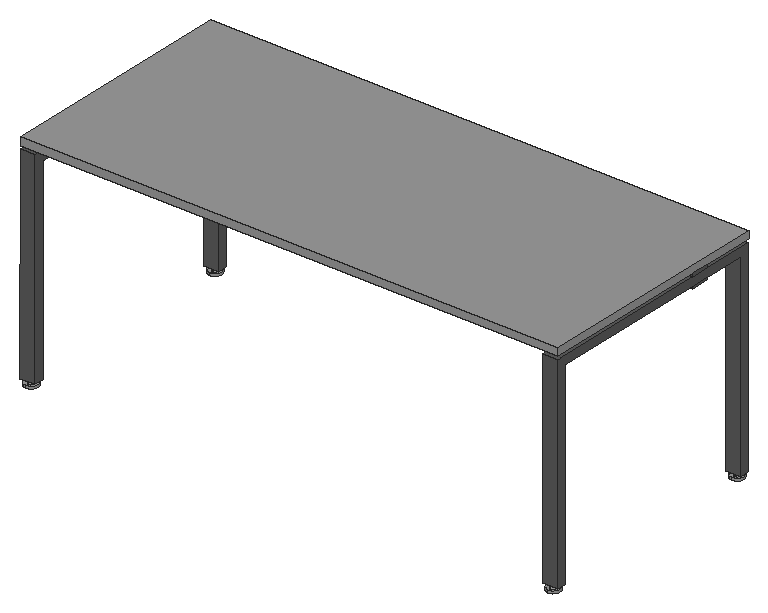
Revit family "Haworth_Tibas_Desk_Rectangular_AP_PRELIMINARY1", category Furniture, Revit 2019
Family settings
  OmniClass Number = 23.40.70.14.64.11
  OmniClass Title = Office Furniture
  Work Plane-Based = No
  Always vertical = Yes
  Cut with Voids When Loaded = No
  Shared = No
  Room Calculation Point = No
Parameters (values of type "1800w")
  Worksurface Width = "1200, 1400, 1500, 1600, 1800 mm"  # constant formula
  Worksurface Depth = "600, 700, 750, 800 mm"  # constant formula
  With Top [instance] = yes
  Warranty = "http://www.haworth.com/resources/product-info/warranties"
  U-Leg Frame R [instance] = yes
  U-Leg Frame [instance] = yes
  Type Comments = ""
  URL = "https://www.haworth.com/ap/en.html"
  Trim Finish = Haworth _ Polymer _ Undecided
  Top Finish [instance] = Haworth _ Laminate _ Undecided _ Tables
  Size = "Verify Final Dim.w/ Haworth"  # constant formula
  Round Cable Outlet = no
  Revision Number = "1"  # constant formula
  Product URL = "https://www.haworth.com/ap/en/products/office-desks/tibas.html"
  No Accessory Kit = not(or(Accessory Kit, Flip Top Cable Outlet, Round Cable Outlet))  # yes
  Model = "SYTBRDXXXX"  # constant formula
  Manufacturer = "Haworth"  # constant formula
  Leg Height = Actual Height - 35 mm  # 705 mm
  Flip Top Width = 400 mm
  Flip Top Cable Outlet = no
  Description = "Haworth - Tibas - Desk - Rectangular"  # constant formula
  Cable Tray Width = Actual Width - 500 mm  # 1300 mm
  Cable Tray Finish = Haworth _ Paint _ Metallic Silver
  Cable Tray = yes
  Base Finish [instance] = Haworth _ Paint _ Black
  Author = "Haworth (Abd Rahman)"  # constant formula
  Assembly Code = "E2020200"
  Actual Width = 1800 mm
  Actual Height = 740 mm
  Actual Depth = 800 mm
  Accessory Kit = and(or(Flip Top Cable Outlet, Round Cable Outlet))  # no
Types (5, lengths in mm): name | Round Cable Outlet | No Accessory Kit | Leg Height | Flip Top Width | Flip Top Cable Outlet | Cable Tray Width | Actual Width | Actual Height | Actual Depth | Accessory Kit
  1200w | no | no | 800.025 | 200 | yes | 700 | 1200 | 835.025 | 600 | yes
  1400w | yes | no | 800.025 | 200 | no | 900 | 1400 | 835.025 | 700 | yes
  1600w | no | no | 705 | 200 | yes | 1100 | 1600 | 740 | 800 | yes
  1800w | no | yes | 705 | 400 | no | 1300 | 1800 | 740 | 800 | no
  1500w | no | yes | 800.025 | 200 | no | 1000 | 1500 | 835.025 | 750 | no
Reference planes
  plane 1 "Center F/B": y = 174.526
  plane 2: z = 0
  plane 3 "Center L/R": x = 114.3
  plane 4 "Top": z = 740
  plane 5 "Left": x = -785.7
  plane 6 "Right": x = 1014.3
  plane 7 "Back": y = 574.526
  plane 8 "Front": y = -225.474
  plane 9: y = 374.526
  plane 10: y = -25.474
  plane 11: z = 715
  plane 12: z = 705
Dimensions and locks
  "Actual Height": plane 4 "Top" to level
  equal spacing: plane 7 "Back", plane 1 "Center F/B", plane 8 "Front"
  "Actual Depth": plane 7 "Back" to plane 8 "Front"
  equal spacing: plane 5 "Left", plane 3 "Center L/R", plane 6 "Right"
  "Actual Width": plane 5 "Left" to plane 6 "Right"
  equal spacing: plane 7 "Back", plane 9, plane 1 "Center F/B"
  equal spacing: plane 1 "Center F/B", plane 10, plane 8 "Front"
  plane 4 "Top" to plane 11 to plane 12 = 25 mm locked, 10 mm locked
  aligned and locked: plane 3 "Center L/R" to nested 1
  aligned and locked: plane 1 "Center F/B" to nested 1
  aligned and locked: nested 1 to plane 4 "Top"
  aligned and locked: plane 1 "Center F/B" to nested 3
  aligned and locked: nested 3 to plane 5 "Left"
  aligned and locked: plane 1 "Center F/B" to nested 4
  aligned and locked: nested 4 to plane 6 "Right"
  aligned and locked: nested 2 to plane 3 "Center L/R"
  aligned and locked: nested 2 to plane 9
  aligned and locked: nested 2 to plane 11
  aligned and locked: plane 11 to nested 5
  aligned and locked: plane 3 "Center L/R" to nested 6
  aligned and locked: plane 7 "Back" to nested 6
  aligned and locked: nested 6 to plane 4 "Top"
  aligned and locked: plane 7 "Back" to nested 5
Nested families
  nested 1: "Haworth_Tibas_Top_Rectangular-PART" at (271.159, 466.626, -20), Top Finish <- "Top Finish", visible <- "With Top", type "Rectangular Top"
    with Top Finish Haworth _ Laminate _ Undecided _ Tables, Void Depth 950 mm, U-Shape Cable Outlet no, Round Cable Outlet no, Flip Top Cable Outlet no, Epure Cable Outlet no, Actual Width 1800 mm, Actual Mounting Height 740 mm
  nested 2: "Haworth_Tibas_Understructure_DeskBeamAP-Leg_PART" at (1146.159, 666.626, 18), Leg Finish <- "Base Finish", type "Beam - Understructure - PART"
    with Leg Finish Haworth _ Paint _ Black, Actual Width 1800 mm
  nested 3: "Haworth_Tibas_Base_U-Leg_PART" at (-603.841, 466.626, 0), visible <- "U-Leg Frame", Leg Finish <- "Base Finish", type "U-Leg Frame - PART L"
    with Leg Finish Haworth _ Paint _ Black, Actual Height 705 mm, Actual Depth 800 mm
  nested 4: "Haworth_Tibas_Base_U-Leg_PART" at (1146.159, 466.626, 0), Leg Finish <- "Base Finish", visible <- "U-Leg Frame R", type "U-Leg Frame - PART R"
    with Leg Finish Haworth _ Paint _ Black, Actual Height 705 mm, Actual Depth 800 mm
  nested 5: "Haworth_Tibas_CableManagement_CableTraySingle-PART" at (271.159, 776.626, 232.6), Cable Tray Finish <- "Cable Tray Finish", visible <- "Cable Tray", type "Cable Tray Single"
    with Cable Tray Finish Haworth _ Paint _ Metallic Silver, Actual Width 1300 mm
  nested 6: "Haworth-Flip Top" at (99.813, 518.193, -60), visible <- "Flip Top Cable Outlet", type "Flip Top - Visio"
    with Actual Width 400 mm
Definition of nested family "Haworth_Tibas_Top_Rectangular-PART"
  Parameters (values of type "Rectangular Top")
    Warranty = "http://www.haworth.com/resources/product-info/warranties"
    Void Depth = if(Epure Cable Outlet, 0 mm, Actual Depth + 150 mm)  # 0 mm
    URL - Product = ""
    URL = "https://www.haworth.com/eu/en.html"
    U-Shape Cable Outlet = yes
    Trim Finish = none
    Top Finish [instance] = none
    Thickness = 25 mm  # constant formula
    Size = "Verify Final Dim. w/ Haworth"  # constant formula
    Round Cable Outlet = yes
    Revision Number = "1"  # constant formula
    Model = "Haworth - Tibas"  # constant formula
    Manufacturer = "Haworth"  # constant formula
    Flip Top Cable Outlet = yes
    Epure Cable Outlet = yes
    Description = "Haworth - Tibas"  # constant formula
    Author = "Haworth (Abd Rahman)"  # constant formula
    Assembly Code = "E2020200"
    Actual Width = 2000 mm
    Actual Mounting Height = 835.025 mm
    Actual Depth = 800 mm
  Reference planes
    plane 1: z = -5
    plane 2 "Center L/R": x = -156.859
    plane 3 "Center F/B": y = -292.1
    plane 4 "Top of top": z = 855.025
    plane 5 "Back": y = 107.9
    plane 6 "Front": y = -692.1
    plane 7 "Left": x = -1156.859
    plane 8 "Right": x = 843.141
    plane 9 "Bottom of top": z = 830.025
    plane 10: y = 27.9
    plane 11: x = -1006.859
    plane 12: x = 693.141
    plane 13: y = 107.9
    plane 14: y = 107.9
    plane 15: y = 107.9
    plane 16: y = 107.9
  Forms (mm)
    Extrusion 1, solid, material <- "Top Finish"
      sketch origin (0, 0, 0) x (1, 0, 0) y (0, 1, 0)
        loop
          line (-1156.859, 107.9) -> (-1156.859, -692.1) -> (843.141, -692.1) -> (843.141, 107.9) -> (-1156.859, 107.9)
      from 830.025 to 855.025
    Extrusion 2, void
      sketch origin (0, 0, 0) x (1, 0, 0) y (0, 1, 0)
        loop
          circle (-1006.859, 107.9) r 40
        loop
          circle (693.141, 107.9) r 40
      from -479.092 to 1358.317
  Cuts and joins
    Extrusion 2 cuts Extrusion 1
  Lines and regions (mm)
    Masking region 1
      outline origin (0, 0, 0) x (1, 0, 0) y (0, 1, 0)
        loop
          line (-1156.859, 107.9) -> (-1156.859, -692.1) -> (843.141, -692.1) -> (843.141, 107.9) -> (-1156.859, 107.9)
  Dimensions and locks
    equal spacing: plane 5 "Back", plane 3 "Center F/B", plane 6 "Front"
    "Actual Depth": plane 5 "Back" to plane 6 "Front"
    equal spacing: plane 7 "Left", plane 2 "Center L/R", plane 8 "Right"
    "Actual Width": plane 7 "Left" to plane 8 "Right"
    "Thickness": plane 4 "Top of top" to plane 9 "Bottom of top"
    "Actual Mounting Height": plane 9 "Bottom of top" to plane 1
    locked: plane 5 "Back" to plane 10 at 80
    plane 7 "Left" to plane 11 = 150 mm
    locked: plane 8 "Right" to plane 12 at 150
    "Void Depth": plane 13 to plane 14
    "Void Depth": plane 15 to plane 16
    aligned and locked: plane 8 "Right" to Extrusion 1 sketch curve
    aligned and locked: plane 7 "Left" to Extrusion 1 sketch curve
    aligned and locked: plane 6 "Front" to Extrusion 1 sketch curve
    aligned and locked: Extrusion 1 sketch curve to plane 5 "Back"
    aligned and locked: plane 4 "Top of top" to Extrusion 1
    aligned and locked: Extrusion 1 to plane 9 "Bottom of top"
    aligned and locked: plane 8 "Right" to Masking region 1 sketch curve
    aligned and locked: Masking region 1 sketch curve to plane 5 "Back"
    aligned and locked: plane 7 "Left" to Masking region 1 sketch curve
    aligned and locked: plane 6 "Front" to Masking region 1 sketch curve
    aligned and locked: nested 1 to plane 4 "Top of top"
    aligned and locked: plane 12 to nested 1
    aligned and locked: plane 10 to nested 1
    aligned and locked: nested 2 to plane 11
    aligned and locked: nested 2 to plane 10
    aligned and locked: nested 3 to plane 11
    aligned and locked: nested 3 to plane 5 "Back"
    aligned and locked: nested 3 to plane 4 "Top of top"
    aligned and locked: plane 12 to nested 4
    aligned and locked: plane 5 "Back" to nested 4
    aligned and locked: plane 4 "Top of top" to nested 4
    aligned and locked: plane 2 "Center L/R" to nested 5
    aligned and locked: plane 10 to nested 5
    aligned and locked: nested 5 to plane 4 "Top of top"
    aligned and locked: plane 11 to Extrusion 2 sketch curve
    aligned and locked: plane 4 "Top of top" to nested 2
    aligned and locked: plane 13 to plane 5 "Back"
    aligned and locked: plane 12 to Extrusion 2 sketch curve
    aligned and locked: plane 15 to plane 5 "Back"
    aligned and locked: plane 16 to Extrusion 2 sketch curve
    aligned and locked: plane 14 to Extrusion 2 sketch curve
  Automatic sketch dimensions
    radius of Extrusion 2 sketch curve = 40 mm  (x2)
  Nested families
    nested 1: "Haworth_Grommet-PART" at (536.282, 320, 332.793) x (-1, 0, 0) z (0, 0, 1), visible <- "Round Cable Outlet", type "Cable Outlet"
      with Vertical no, Horizontal yes
    nested 2: "Haworth_Grommet-PART" at (-850, 320, 332.793), visible <- "Round Cable Outlet", type "Cable Outlet"
      with Vertical no, Horizontal yes
    nested 3: "Haworth_CableOutlet_U-Shape_PART" at (-850, 372.731, 297.793), visible <- "U-Shape Cable Outlet", type "Cable Outlet"
    nested 4: "Haworth_CableOutlet_U-Shape_PART" at (536.282, 372.731, 297.793) x (-1, 0, 0) z (0, 0, 1), visible <- "U-Shape Cable Outlet", type "Cable Outlet"
    nested 5: "Haworth-Flip Top" at (-171.347, -28.433, 55.025), visible <- "Flip Top Cable Outlet", type "Flip Top - Visio"
      with Actual Width 200 mm, Actual Depth 110 mm
  Definition of nested family "Haworth_Grommet-PART"
    Parameters (values of type "Cable Outlet")
      Warranty = "http://www.haworth.com/resources/product-info/warranties"
      Vertical = yes
      URL = "www.haworth.com"
      Trim Finish = none
      Size = "Verify Final Dim. w/ Haworth"  # constant formula
      Revision Number = "1"  # constant formula
      Model = "X742"  # constant formula
      Manufacturer = "Haworth"  # constant formula
      Horizontal = no
      Description = "Haworth - Cable Outlet - 25mm"  # constant formula
      Author = "Haworth (Abd Rahman)"  # constant formula
      Assembly Code = "E2020200"
      Actual Width = 90 mm  # constant formula
      Actual Height = 2 mm  # constant formula
      Actual Depth = 90 mm  # constant formula
    Reference planes
      plane 1: z = 522.232
      plane 2 "Center L/R": x = -156.859
      plane 3 "Center F/B": y = -292.1
      plane 4 "Top": z = 524.232
      plane 5 "Back": y = -247.1
      plane 6 "Front": y = -337.1
      plane 7 "Right": x = -111.859
      plane 8 "Left": x = -201.859
      plane 9: x = -155.05
    Forms (mm)
      Revolve 1, solid, material <- "Trim Finish", visible <- "Vertical"
        sketch origin (-679.273, -292.1, 366.305) x (0, 0, 1) y (1, 0, 0)
          loop
            line (156.859, 524.223) -> (115.684, 524.223)
            arc (115.684, 524.223) -> (113.98, 523.576) -> (112.576, 522.414) r 5.57
            line (112.576, 522.414) -> (156.859, 522.414) -> (156.859, 524.223)
          axis (156.859, 524.223) -> (156.859, 522.414)
        angle from 0 to 360
      Extrusion 2, void
        sketch origin (-679.273, 0.749, 366.305) x (0, 0, -1) y (0, 1, 0)
          loop
            line (-175.569, -260.506) -> (-173.333, -281.782)
            arc (-173.333, -281.782) -> (-171.796, -283.23) -> (-169.822, -282.479) r 1.989
            arc (-169.822, -282.479) -> (-169.186, -281.652) -> (-168.471, -280.891) r 10.616
            arc (-168.471, -280.891) -> (-163.186, -277.135) -> (-156.859, -275.721) r 16.402
            arc (-156.859, -275.721) -> (-151.781, -276.415) -> (-147.164, -278.643) r 16.402
            arc (-147.164, -278.643) -> (-145.025, -278.909) -> (-143.853, -277.099) r 2.03
            line (-143.853, -277.099) -> (-141.679, -258.137)
            arc (-141.679, -258.137) -> (-158.906, -255.293) -> (-175.569, -260.506) r 37.744
        from 0 to 711.2
      Revolve 3, solid, material <- "Trim Finish", visible <- "Horizontal"
        sketch origin (-0.331, -293.081, 0.151) x (-1, 0, 0) y (0, 0, 1)
          loop
            line (156.859, 524.08) -> (115.287, 524.08)
            arc (115.287, 524.08) -> (113.569, 523.343) -> (112.19, 522.08) r 5.592
            line (112.19, 522.08) -> (156.859, 522.08) -> (156.859, 524.08)
          axis (156.859, 524.08) -> (156.859, 522.08)
        angle from 0 to 360
      Extrusion 4, void
        sketch origin (-0.331, -0.232, 0.151) x (1, 0, 0) y (0, 1, 0)
          loop
            line (-175.569, -260.506) -> (-173.333, -281.782)
            arc (-173.333, -281.782) -> (-171.796, -283.23) -> (-169.822, -282.479) r 1.989
            arc (-169.822, -282.479) -> (-169.186, -281.652) -> (-168.471, -280.891) r 10.616
            arc (-168.471, -280.891) -> (-163.186, -277.135) -> (-156.859, -275.721) r 16.402
            arc (-156.859, -275.721) -> (-151.781, -276.415) -> (-147.164, -278.643) r 16.402
            arc (-147.164, -278.643) -> (-145.025, -278.909) -> (-143.853, -277.099) r 2.03
            line (-143.853, -277.099) -> (-141.679, -258.137)
            arc (-141.679, -258.137) -> (-158.906, -255.293) -> (-175.569, -260.506) r 37.744
        from 0 to 711.2
    Cuts and joins
      Extrusion 2 cuts Revolve 1
      Extrusion 4 cuts Revolve 3
    Lines and regions (mm)
      Masking region 1
        outline origin (0, 0, 0) x (1, 0, 0) y (0, 1, 0)
          loop
            circle (-156.859, -292.849) r 44.363
          loop
            circle (-156.859, -292.849) r 40.899
          loop
            line (-143.853, -277.099) -> (-141.679, -258.137)
            arc (-141.679, -258.137) -> (-158.906, -255.293) -> (-175.569, -260.506) r 37.744
            line (-175.569, -260.506) -> (-173.333, -281.782)
            arc (-173.333, -281.782) -> (-171.796, -283.23) -> (-169.822, -282.479) r 1.989
            arc (-169.822, -282.479) -> (-169.186, -281.652) -> (-168.471, -280.891) r 10.616
            arc (-168.471, -280.891) -> (-163.186, -277.135) -> (-156.859, -275.721) r 16.402
            arc (-156.859, -275.721) -> (-151.781, -276.415) -> (-147.164, -278.643) r 16.402
            arc (-147.164, -278.643) -> (-145.025, -278.909) -> (-143.853, -277.099) r 2.03
    Dimensions and locks
      equal spacing: plane 8 "Left", plane 2 "Center L/R", plane 7 "Right"
      "Actual Width": plane 8 "Left" to plane 7 "Right"
      equal spacing: plane 5 "Back", plane 3 "Center F/B", plane 6 "Front"
      "Actual Depth": plane 5 "Back" to plane 6 "Front"
      "Actual Height": plane 4 "Top" to plane 1
      aligned and locked: plane 3 "Center F/B" to cut or joined group of Revolve 1, Extrusion 2  (x2)
      aligned and locked: cut or joined group of Revolve 3, Extrusion 4 to plane 4 "Top"
      aligned and locked: cut or joined group of Revolve 3, Extrusion 4 to plane 1
      aligned and locked: cut or joined group of Revolve 1, Extrusion 2 to plane 2 "Center L/R"
      aligned and locked: plane 9 to cut or joined group of Revolve 1, Extrusion 2
    Automatic sketch dimensions
      Revolve 1 sketch curve to plane 1 = 43.35 mm
      Revolve 1 sketch curve to Revolve 1 sketch curve = 3.107 mm
      Revolve 1 sketch curve to Revolve 1 sketch curve = 1.099 mm
      Revolve 1 sketch curve to Revolve 1 sketch curve = 40.077 mm
      Revolve 1 sketch curve to plane 7 "Right" = 48.651 mm
      Revolve 1 sketch curve to Revolve 1 sketch curve = 3.651 mm
      Revolve 1 sketch curve to Revolve 1 sketch curve = 0 mm  (x2)
      Revolve 1 sketch curve to Revolve 1 sketch curve = 0.195 mm
      Extrusion 2 sketch curve to Extrusion 2 sketch curve = 0 mm  (x2)
      plane 1 to Extrusion 2 sketch curve = 19.643 mm
      Extrusion 2 sketch curve to Extrusion 2 sketch curve = 4.161 mm
      Extrusion 2 sketch curve to Extrusion 2 sketch curve = 10.307 mm
      Extrusion 2 sketch curve to Extrusion 2 sketch curve = 4.587 mm
      Extrusion 2 sketch curve to Extrusion 2 sketch curve = 0.242 mm
      Extrusion 2 sketch curve to Extrusion 2 sketch curve = 10.632 mm
      Extrusion 2 sketch curve to Extrusion 2 sketch curve = 2.03 mm
      Extrusion 2 sketch curve to Extrusion 2 sketch curve = 2.174 mm
      Extrusion 2 sketch curve to plane 5 "Back" = 45.096 mm
      Extrusion 2 sketch curve to Extrusion 2 sketch curve = 0.825 mm
      Extrusion 2 sketch curve to Extrusion 2 sketch curve = 3.588 mm
      Extrusion 2 sketch curve to Extrusion 2 sketch curve = 7.253 mm
      Extrusion 2 sketch curve to Extrusion 2 sketch curve = 15.02 mm
      Extrusion 2 sketch curve to Extrusion 2 sketch curve = 0.031 mm
      Extrusion 2 sketch curve to Extrusion 2 sketch curve = 20.772 mm
      Extrusion 2 sketch curve to Extrusion 2 sketch curve = 1.925 mm
      Extrusion 2 sketch curve to Extrusion 2 sketch curve = 1.586 mm
      Extrusion 2 sketch curve to Extrusion 2 sketch curve = 1.352 mm
      Extrusion 2 sketch curve to Extrusion 2 sketch curve = 10.976 mm
      Extrusion 2 sketch curve to Extrusion 2 sketch curve = 1.281 mm
      Masking region 1 sketch curve to Masking region 1 sketch curve = 0 mm  (x4)
      Masking region 1 sketch curve to plane 2 "Center L/R" = 0 mm  (x2)
      Masking region 1 sketch curve to plane 2 "Center L/R" = 4.242 mm
      Masking region 1 sketch curve to Masking region 1 sketch curve = 10.307 mm
      Masking region 1 sketch curve to plane 3 "Center F/B" = 10.318 mm
      Masking region 1 sketch curve to Masking region 1 sketch curve = 1.925 mm
      Masking region 1 sketch curve to plane 2 "Center L/R" = 18.71 mm
      plane 3 "Center F/B" to Masking region 1 sketch curve = 0.02 mm
      plane 2 "Center L/R" to Masking region 1 sketch curve = 0.345 mm
      plane 2 "Center L/R" to Masking region 1 sketch curve = 0.586 mm
      plane 2 "Center L/R" to Masking region 1 sketch curve = 10.976 mm
      Masking region 1 sketch curve to Masking region 1 sketch curve = 2.03 mm
      plane 2 "Center L/R" to Masking region 1 sketch curve = 15.18 mm
      plane 3 "Center F/B" to Masking region 1 sketch curve = 0.749 mm
      Masking region 1 sketch curve to Masking region 1 sketch curve = 0.096 mm
      Masking region 1 sketch curve to plane 3 "Center F/B" = 3.569 mm
      Masking region 1 sketch curve to Masking region 1 sketch curve = 0.504 mm
      Masking region 1 sketch curve to plane 3 "Center F/B" = 15.001 mm
      Masking region 1 sketch curve to Masking region 1 sketch curve = 0.031 mm
      Masking region 1 sketch curve to plane 5 "Back" = 13.406 mm
      Masking region 1 sketch curve to Masking region 1 sketch curve = 2.938 mm
      Masking region 1 sketch curve to Masking region 1 sketch curve = 1.586 mm
      Revolve 3 sketch curve to plane 7 "Right" = 0.663 mm
      Revolve 3 sketch curve to Revolve 3 sketch curve = 3.096 mm
      Revolve 3 sketch curve to Revolve 3 sketch curve = 1.316 mm
      Revolve 3 sketch curve to Revolve 3 sketch curve = 40.256 mm
      Revolve 3 sketch curve to plane 4 "Top" = 5.434 mm
      Revolve 3 sketch curve to Revolve 3 sketch curve = 3.434 mm
      Revolve 3 sketch curve to Revolve 3 sketch curve = 0 mm
      Revolve 3 sketch curve to Revolve 3 sketch curve = 0.151 mm  (x2)
      Extrusion 4 sketch curve to Extrusion 4 sketch curve = 0 mm  (x2)
      Extrusion 4 sketch curve to plane 7 "Right" = 64.042 mm
      Extrusion 4 sketch curve to Extrusion 4 sketch curve = 4.161 mm
      Extrusion 4 sketch curve to Extrusion 4 sketch curve = 10.307 mm
      Extrusion 4 sketch curve to Extrusion 4 sketch curve = 4.587 mm
      Extrusion 4 sketch curve to Extrusion 4 sketch curve = 0.242 mm
      Extrusion 4 sketch curve to Extrusion 4 sketch curve = 10.632 mm
      Extrusion 4 sketch curve to Extrusion 4 sketch curve = 2.03 mm
      Extrusion 4 sketch curve to Extrusion 4 sketch curve = 2.174 mm
      Extrusion 4 sketch curve to plane 5 "Back" = 46.077 mm
      Extrusion 4 sketch curve to Extrusion 4 sketch curve = 0.825 mm
      Extrusion 4 sketch curve to Extrusion 4 sketch curve = 3.588 mm
      Extrusion 4 sketch curve to Extrusion 4 sketch curve = 7.253 mm
      Extrusion 4 sketch curve to Extrusion 4 sketch curve = 15.02 mm
      Extrusion 4 sketch curve to Extrusion 4 sketch curve = 0.031 mm
      Extrusion 4 sketch curve to Extrusion 4 sketch curve = 20.772 mm
      Extrusion 4 sketch curve to Extrusion 4 sketch curve = 1.925 mm
      Extrusion 4 sketch curve to Extrusion 4 sketch curve = 1.586 mm
      Extrusion 4 sketch curve to Extrusion 4 sketch curve = 1.352 mm
      Extrusion 4 sketch curve to Extrusion 4 sketch curve = 10.976 mm
      Extrusion 4 sketch curve to Extrusion 4 sketch curve = 1.281 mm
      radius of Masking region 1 sketch curve = 44.363 mm
      radius of Masking region 1 sketch curve = 40.899 mm
  Definition of nested family "Haworth_CableOutlet_U-Shape_PART"
    Parameters (values of type "Cable Outlet")
      Warranty = "http://www.haworth.com/resources/product-info/warranties"
      URL = "www.haworth.com"
      Trim Finish = none
      Sustainability Info = "https://www.haworth.com/company-info/sustainability"
      Size = "Verify Final Dim. w/ Haworth"  # constant formula
      Revision Number = "1"  # constant formula
      Model = "X742"  # constant formula
      Manufacturer = "Haworth"  # constant formula
      Description = "Haworth - Cable Outlet - U - Shape"  # constant formula
      Author = "Haworth (Abd Rahman)"  # constant formula
      Assembly Code = "E2020200"
      Actual Width = 70 mm  # constant formula
      Actual Height = 40 mm  # constant formula
      Actual Depth = 70 mm  # constant formula
    Reference planes
      plane 1: z = 522.232
      plane 2 "Center L/R": x = -156.859
      plane 3 "Center F/B": y = -292.1
      plane 4 "Top": z = 562.232
      plane 5 "Back": y = -257.1
      plane 6 "Front": y = -327.1
      plane 7 "Right": x = -121.859
      plane 8 "Left": x = -191.859
    Forms (mm)
      Extrusion 1, solid, material <- "Trim Finish"
        sketch origin (-121.859, 0, 0) x (0, 1, 0) y (0, 0, 1)
          loop
            line (-327.1, 562.232) -> (-327.1, 557.232) -> (-264.831, 557.232) -> (-264.831, 527.232) -> (-327.1, 527.232) -> (-327.1, 522.232) -> (-257.1, 522.232) -> (-257.1, 530.231) -> (-257.1, 555.734) -> (-257.1, 562.232) -> (-327.1, 562.232)
        from -70 to 0
    Lines and regions (mm)
      Masking region 1
        outline origin (0, 0, 0) x (1, 0, 0) y (0, 1, 0)
          loop
            line (-191.859, -257.1) -> (-191.859, -327.1) -> (-121.859, -327.1) -> (-121.859, -257.1) -> (-191.859, -257.1)
    Dimensions and locks
      equal spacing: plane 8 "Left", plane 2 "Center L/R", plane 7 "Right"
      "Actual Width": plane 8 "Left" to plane 7 "Right"
      equal spacing: plane 5 "Back", plane 3 "Center F/B", plane 6 "Front"
      "Actual Depth": plane 5 "Back" to plane 6 "Front"
      "Actual Height": plane 4 "Top" to plane 1
      aligned and locked: Extrusion 1 to plane 8 "Left"
      aligned and locked: plane 7 "Right" to Extrusion 1
      aligned and locked: Masking region 1 sketch curve to plane 7 "Right"
      aligned and locked: Masking region 1 sketch curve to plane 5 "Back"
      aligned and locked: plane 8 "Left" to Masking region 1 sketch curve
      aligned and locked: plane 6 "Front" to Masking region 1 sketch curve
    Automatic sketch dimensions
      Extrusion 1 sketch curve to plane 4 "Top" = 0 mm
      Extrusion 1 sketch curve to plane 6 "Front" = 0 mm  (x2)
      Extrusion 1 sketch curve to plane 5 "Back" = 0 mm
      Extrusion 1 sketch curve to plane 1 = 0 mm
      Extrusion 1 sketch curve to Extrusion 1 sketch curve = 2.999 mm
      Extrusion 1 sketch curve to Extrusion 1 sketch curve = 7.731 mm
      Extrusion 1 sketch curve to plane 4 "Top" = 6.498 mm
      Extrusion 1 sketch curve to plane 4 "Top" = 5 mm
      plane 1 to Extrusion 1 sketch curve = 7.999 mm
  Definition of nested family "Haworth-Flip Top"
    Parameters (values of type "Flip Top - Visio")
      Warranty = ""
      URL - Product = ""
      URL = ""
      Sustainability Info = ""
      Size = "Verify Final Dim. w/ Haworth"  # constant formula
      Single Sided = no
      Single Sided Wide = yes
      Revision Number = ""
      OmniClass Number = ""
      Material Options = ""
      Manufacturer = "Haworth"  # constant formula
      LEED Data = ""
      Flip Top Height = 25 mm
      Flip Top Finish = none
      Double Sided = no
      Double Sided Wide = no
      Author = "SHAPE Environments, LLC"  # constant formula
      Assembly Code = ""
      Actual Width = 120 mm
      Actual Height = 800 mm
      Actual Depth = 80 mm
    Types (2, lengths in mm): name | Flip Top Height | Actual Width | Actual Height | Actual Depth
      Flip Top - Visio | 25 | 120 | 800 | 80
      Flip Top Cable Tray | 69.85 | 285.75 | 736.6 | 111.125
    Reference planes
      plane 1 "Center F/B": y = 1.333
      plane 2: z = 0
      plane 3 "Center L/R": x = 14.487
      plane 4 "Back": y = 41.333
      plane 5 "Right": x = 74.487
      plane 6 "Front": y = -38.667
      plane 7 "Left": x = -45.513
      plane 8 "Table Height": z = 800
      plane 9: z = 775
    Forms (mm)
      Extrusion 1, solid, material <- "Flip Top Finish"
        sketch origin (0, 0, 800) x (-1, 0, 0) y (0, -1, 0)
          loop
            line (45.513, -41.333) -> (45.513, 38.667) -> (-74.487, 38.667) -> (-74.487, -41.333) -> (45.513, -41.333)
        from 0 to 3.175
      Extrusion 2, solid, material <- "Flip Top Finish"
        sketch origin (0, 0, 800) x (-1, 0, 0) y (0, -1, 0)
          loop
            line (42.338, -36.571) -> (42.338, 33.904) -> (-71.312, 33.904) -> (-71.312, -36.571) -> (42.338, -36.571)
        from 0 to -25
    Cuts and joins
      joined: Extrusion 1, Extrusion 2
    Lines and regions (mm)
      symbolic lines
        curve 1: line (-45.513, 41.333, 800) -> (74.487, 41.333, 800)
        curve 2: line (-45.513, -38.667, 800) -> (-45.513, 41.333, 800)
        curve 3: line (74.487, -38.667, 800) -> (-45.513, -38.667, 800)
        curve 4: line (74.487, 41.333, 800) -> (74.487, -38.667, 800)
    Dimensions and locks
      equal spacing: plane 7 "Left", plane 3 "Center L/R", plane 5 "Right"
      "Actual Width": plane 7 "Left" to plane 5 "Right"
      equal spacing: plane 6 "Front", plane 1 "Center F/B", plane 4 "Back"
      "Actual Depth": plane 4 "Back" to plane 6 "Front"
      plane 7 "Left" to Extrusion 2 sketch curve = 3.175 mm
      plane 4 "Back" to Extrusion 2 sketch curve = 4.762 mm
      Extrusion 2 sketch curve to plane 5 "Right" = 3.175 mm
      Extrusion 2 sketch curve to plane 6 "Front" = 4.763 mm
      "Actual Height": plane 8 "Table Height" to level
      "Flip Top Height": plane 8 "Table Height" to plane 9
      aligned and locked: plane 7 "Left" to Extrusion 1 sketch curve
      aligned and locked: Extrusion 1 sketch curve to plane 4 "Back"
      aligned and locked: plane 6 "Front" to Extrusion 1 sketch curve
      aligned and locked: Extrusion 1 sketch curve to plane 5 "Right"
      aligned and locked: plane 9 to cut or joined group of Extrusion 1, Extrusion 2
    Automatic sketch dimensions
      curve 4 to plane 5 "Right" = 0 mm
      curve 2 to plane 4 "Back" = 0 mm
      curve 2 to plane 7 "Left" = 0 mm
      curve 4 to plane 6 "Front" = 0 mm
Definition of nested family "Haworth_Tibas_Understructure_DeskBeamAP-Leg_PART"
  Parameters (values of type "Beam - Understructure - PART")
    Warranty = "http://www.haworth.com/resources/product-info/warranties"
    URL - Product = "https://www.haworth.com/eu/products/tables/desks/tibas"
    URL = "https://www.haworth.com/ap/en.html"
    Size = "Verify Final Dim. w/ Haworth"  # constant formula
    Revision Number = "1"  # constant formula
    Model = "Haworth - Tibas"  # constant formula
    Manufacturer = "Haworth"  # constant formula
    Leg Finish [instance] = none
    Description = "Haworth - Tibas - PART"  # constant formula
    Connector Width [instance] = 54.9 mm
    Author = "Haworth (Abd Rahman)"  # constant formula
    Assembly Code = "E2020200"
    Actual Width = 850 mm
    Actual Height = 680 mm
    Actual Depth = 70 mm  # constant formula
  Reference planes
    plane 1: z = 0
    plane 2 "Center L/R": x = -156.859
    plane 3 "Center F/B": y = -292.1
    plane 4 "Top": z = 680
    plane 5: z = 650
    plane 6: x = -181.859
    plane 7: x = -131.859
    plane 8: y = -257.1
    plane 9: y = -327.1
    plane 10: z = 697
    plane 11: z = 687
    plane 12: z = 658.979
    plane 13: x = -177.854
    plane 14: x = -186.759
    plane 15: x = -981.859
    plane 16: x = -556.859
    plane 17 "Center F/E": x = -956.859
    plane 18: x = -931.859
    plane 19: x = -935.864
    plane 20: x = -926.959
    plane 21: y = -277.1
    plane 22: y = -317.1
    plane 23: x = -531.859
    plane 24: x = -581.859
    plane 25: y = -239.062
    plane 26: y = -626.062
  Forms (mm)
    Extrusion 1, solid, material <- "Leg Finish"
      sketch origin (0, -292.1, 0) x (1, 0, 0) y (0, 0, 1)
        loop
          line (-186.759, 650) -> (-131.859, 650) -> (-131.859, 656.842) -> (-177.854, 656.842) -> (-177.854, 687) -> (-131.859, 687) -> (-131.859, 697) -> (-186.759, 697) -> (-186.759, 650)
      from -27.1 to 32.9
    Extrusion 2, solid, material <- "Leg Finish"
      sketch origin (0, 0, 0) x (1, 0, 0) y (0, 1, 0)
        loop
          line (-177.854, -317.1) -> (-177.854, -277.1) -> (-935.864, -277.1) -> (-935.864, -317.1) -> (-177.854, -317.1)
      from 658.979 to 687
    Extrusion 3, solid, material <- "Leg Finish"
      sketch origin (-863.718, -292.1, 0) x (-1, 0, 0) y (0, 0, -1)
        loop
          line (63.241, -650) -> (63.241, -697) -> (118.141, -697) -> (118.141, -687) -> (72.146, -687) -> (72.146, -656.842) -> (118.141, -656.842) -> (118.141, -650) -> (63.241, -650)
      from -27.1 to 32.9
    Extrusion 4, solid, material <- "Leg Finish"
      sketch origin (687.577, 3018.624, -10.35) x (0, 1, 0) y (0, 0, 1)
        loop
          line (-3636.674, 692.589) -> (-3380.675, 678.993) -> (-3333.224, 663.6) -> (-3265.746, 663.6)
          arc (-3265.746, 663.6) -> (-3260.046, 665.961) -> (-3257.685, 671.66) r 8.06
          line (-3257.685, 671.66) -> (-3257.685, 703.6) -> (-3644.685, 703.6) -> (-3644.685, 700.6)
          arc (-3644.685, 700.6) -> (-3642.339, 694.935) -> (-3636.674, 692.589) r 8.011
      from -1269.436 to -1219.436
  Lines and regions (mm)
    Masking region 1
      outline origin (0, 0, 0) x (1, 0, 0) y (0, 1, 0)
        loop
          line (-926.959, -277.1) -> (-926.959, -262.5) -> (-981.859, -262.5) -> (-981.859, -325) -> (-926.959, -325) -> (-926.959, -317.1) -> (-186.759, -317.1) -> (-186.759, -325) -> (-131.859, -325) -> (-131.859, -265) -> (-186.759, -265) -> (-186.759, -277.1) -> (-926.959, -277.1)
  Dimensions and locks
    "Actual Height": plane 4 "Top" to plane 1
    equal spacing: plane 8, plane 3 "Center F/B", plane 9
    "Actual Depth": plane 8 to plane 9
    equal spacing: plane 6, plane 2 "Center L/R", plane 7
    "Actual Height": plane 4 "Top" to level
    locked: plane 5 to plane 4 "Top" at 30
    Extrusion 1 sketch curve to Extrusion 2 = 10 mm
    equal spacing: plane 15, plane 16, plane 7
    plane 15 to plane 7 = 850 mm
    plane 14 to plane 6 to plane 13 to plane 2 "Center L/R" to plane 7 = 4.9 mm locked, 4.005 mm locked, 20.995 mm locked, 25 mm locked
    plane 15 to plane 16 to plane 7 = 425 mm, 425 mm
    "Connector Width": plane 14 to plane 7
    "Actual Width": plane 15 to plane 7
    plane 18 to plane 17 "Center F/E" = 25 mm
    plane 20 to plane 18 to plane 19 to plane 17 "Center F/E" to plane 15 = 4.9 mm locked, 4.005 mm locked, 20.995 mm locked, 25 mm locked
    locked: plane 8 to plane 21 at 20
    locked: plane 22 to plane 9 at 10
    plane 24 to plane 16 to plane 23 = 25 mm locked, 25 mm locked
    plane 25 to plane 8 to plane 3 "Center F/B" to plane 9 to plane 26 = 18.038 mm locked, 35 mm locked, 35 mm locked, 298.962 mm locked
    aligned and locked: Extrusion 2 to plane 11
    aligned and locked: Extrusion 2 to plane 12
    aligned and locked: Extrusion 2 to plane 13
    aligned and locked: plane 11 to Extrusion 1
    aligned and locked: Extrusion 1 to plane 13
    aligned and locked: Extrusion 1 to plane 7  (x2)
    aligned and locked: plane 5 to Extrusion 1
    aligned and locked: Extrusion 1 to plane 10
    aligned and locked: plane 14 to Extrusion 1
    aligned and locked: plane 10 to Extrusion 3
    aligned and locked: plane 15 to Extrusion 3  (x2)
    aligned and locked: Extrusion 3 to plane 20
    aligned and locked: plane 5 to Extrusion 3
    aligned and locked: Extrusion 3 to plane 11
    aligned and locked: Extrusion 3 to plane 19
    aligned and locked: Extrusion 2 sketch curve to plane 21
    aligned and locked: plane 22 to Extrusion 2 sketch curve
    aligned and locked: plane 13 to Extrusion 2 sketch curve
    aligned and locked: plane 19 to Extrusion 2 sketch curve
    aligned and locked: plane 7 to Masking region 1 sketch curve
    aligned and locked: Masking region 1 sketch curve to plane 14
    aligned and locked: plane 25 to Extrusion 4
    aligned and locked: Extrusion 4 to plane 23
    aligned and locked: plane 24 to Extrusion 4
    aligned and locked: Extrusion 4 to plane 26
  Automatic sketch dimensions
    plane 14 to Extrusion 1 sketch curve = 0 mm
    plane 13 to Extrusion 1 sketch curve = 0 mm
    plane 7 to Extrusion 1 sketch curve = 0 mm  (x2)
    Extrusion 1 sketch curve to plane 5 = 0 mm
    Extrusion 1 sketch curve to plane 11 = 0 mm
    plane 12 to Extrusion 1 sketch curve = 2.138 mm
    Extrusion 3 sketch curve to plane 10 = 0 mm
    Extrusion 3 sketch curve to plane 20 = 0 mm
    plane 19 to Extrusion 3 sketch curve = 0 mm
    plane 15 to Extrusion 3 sketch curve = 0 mm  (x2)
    Extrusion 3 sketch curve to plane 5 = 0 mm
    Extrusion 3 sketch curve to plane 11 = 0 mm
    Extrusion 3 sketch curve to plane 12 = 2.138 mm
    Masking region 1 sketch curve to plane 15 = 0 mm
    Masking region 1 sketch curve to plane 20 = 0 mm  (x2)
    Masking region 1 sketch curve to plane 14 = 0 mm
    Masking region 1 sketch curve to plane 9 = 2.1 mm  (x2)
    Masking region 1 sketch curve to Masking region 1 sketch curve = 7.9 mm
    Masking region 1 sketch curve to plane 3 "Center F/B" = 15 mm
    Masking region 1 sketch curve to plane 8 = 7.9 mm
    Masking region 1 sketch curve to plane 8 = 5.4 mm
    Extrusion 4 sketch curve to plane 26 = 0 mm
    plane 10 to Extrusion 4 sketch curve = 3.75 mm
    Extrusion 4 sketch curve to plane 25 = 0 mm
    plane 10 to Extrusion 4 sketch curve = 6.75 mm
    Extrusion 4 sketch curve to Extrusion 4 sketch curve = 8.011 mm
    Extrusion 4 sketch curve to plane 4 "Top" = 11.357 mm
    plane 9 to Extrusion 4 sketch curve = 34.951 mm
    plane 12 to Extrusion 4 sketch curve = 5.729 mm
    Extrusion 4 sketch curve to plane 9 = 12.5 mm
    Extrusion 4 sketch curve to plane 25 = 8.06 mm
Definition of nested family "Haworth_Tibas_Base_U-Leg_PART"
  Parameters (values of type "U-Leg Frame - PART")
    Warranty = "http://www.haworth.com/resources/product-info/warranties"
    URL - Product = "https://www.haworth.com/eu/products/tables/desks/tibas"
    URL = "https://www.haworth.com/ap/en.html"
    Size = "Verify Final Dim. w/ Haworth"  # constant formula
    Revision Number = "1"  # constant formula
    Model = "Haworth - Tibas"  # constant formula
    Manufacturer = "Haworth"  # constant formula
    Leg Finish [instance] = none
    Glide Finish = none
    Description = "Haworth - Tibas - Complete Frame - PART"  # constant formula
    Author = "Haworth (Abd Rahman)"  # constant formula
    Assembly Code = "E2020200"
    Actual Width = 50 mm  # constant formula
    Actual Height = 450 mm
    Actual Depth = 400 mm
  Reference planes
    plane 1: z = 0
    plane 2 "Center L/R": x = -156.859
    plane 3 "Center F/B": y = -292.1
    plane 4 "Top": z = 450
    plane 5: z = 15.979
    plane 6: z = 420
    plane 7: x = -181.859
    plane 8: x = -131.859
    plane 9: y = -92.1
    plane 10: y = -492.1
    plane 11: y = -122.1
    plane 12: y = -462.1
    plane 13: y = -107.1
    plane 14: y = -84.939
    plane 15: y = -477.1
    plane 16: y = -499.261
  Forms (mm)
    Extrusion 1, solid, material <- "Leg Finish"
      sketch origin (0, -292.1, 0) x (1, 0, 0) y (0, 0, 1)
        loop
          line (-181.859, 450) -> (-181.859, 15.979) -> (-131.859, 15.979) -> (-131.859, 450) -> (-181.859, 450)
      from -200 to -170
    Extrusion 2, solid, material <- "Leg Finish"
      sketch origin (0, -292.1, 0) x (1, 0, 0) y (0, 0, -1)
        loop
          line (-181.859, -450) -> (-131.859, -450) -> (-131.859, -15.979) -> (-181.859, -15.979) -> (-181.859, -450)
      from -200 to -170
    Extrusion 3, solid, material <- "Leg Finish"
      sketch origin (-156.859, 0, 0) x (0, 1, 0) y (0, 0, 1)
        loop
          line (-462.1, 450) -> (-462.1, 420) -> (-122.1, 420) -> (-122.1, 450) -> (-462.1, 450)
      from -25 to 25
    Revolve 4, solid, material <- "Glide Finish"
      sketch origin (-156.859, 17.9, 0) x (0, 1, 0) y (0, 0, 1)
        loop
          line (-125, 15.979) -> (-125, 0) -> (-102.839, 0) -> (-102.839, 6) -> (-115.146, 6) -> (-120, 10.854) -> (-120, 15.979) -> (-125, 15.979)
        axis (-125, 15.979) -> (-125, 0)
      angle from 0 to 360
    Revolve 5, solid, material <- "Glide Finish"
      sketch origin (-156.859, -602.1, 0) x (0, -1, 0) y (0, 0, 1)
        loop
          line (-125, 15.979) -> (-125, 0) -> (-102.839, 0) -> (-102.839, 6) -> (-115.146, 6) -> (-120, 10.854) -> (-120, 15.979) -> (-125, 15.979)
        axis (-125, 15.979) -> (-125, 0)
      angle from 0 to 360
  Cuts and joins
    joined: Extrusion 1, Extrusion 2, Extrusion 3
  Lines and regions (mm)
    Masking region 1
      outline origin (0, 0, 0) x (1, 0, 0) y (0, 1, 0)
        loop
          line (-181.859, -92.1) -> (-181.859, -492.1) -> (-131.859, -492.1) -> (-131.859, -92.1) -> (-181.859, -92.1)
  Dimensions and locks
    "Actual Height": plane 4 "Top" to plane 1
    equal spacing: plane 9, plane 3 "Center F/B", plane 10
    "Actual Depth": plane 9 to plane 10
    equal spacing: plane 7, plane 2 "Center L/R", plane 8
    "Actual Width": plane 7 to plane 8
    locked: plane 9 to plane 11 at 30
    locked: plane 10 to plane 12 at 30
    "Actual Height": plane 4 "Top" to level
    locked: plane 6 to plane 4 "Top" at 30
    locked: plane 5 to level at 15.979
    plane 13 to plane 9 to plane 14 = 15 mm locked, 7.161 mm locked
    plane 16 to plane 10 to plane 15 = 7.161 mm locked, 15 mm locked
    aligned and locked: Extrusion 1 sketch curve to plane 7
    aligned and locked: plane 8 to Extrusion 1 sketch curve
    aligned and locked: plane 5 to Extrusion 1 sketch curve
    aligned and locked: Extrusion 1 sketch curve to plane 4 "Top"
    aligned and locked: plane 9 to Extrusion 1
    aligned and locked: Extrusion 1 to plane 11
    aligned and locked: plane 7 to Extrusion 2
    aligned and locked: Extrusion 2 to plane 8
    aligned and locked: Extrusion 2 to plane 12
    aligned and locked: plane 10 to Extrusion 2
    aligned and locked: plane 4 "Top" to Extrusion 2
    aligned and locked: Extrusion 2 to plane 5
    aligned and locked: Extrusion 3 sketch curve to plane 11
    aligned and locked: Extrusion 3 sketch curve to plane 4 "Top"
    aligned and locked: Extrusion 3 sketch curve to plane 12
    aligned and locked: Extrusion 3 sketch curve to plane 6
    aligned and locked: plane 7 to Extrusion 3
    aligned and locked: Extrusion 3 to plane 8
    aligned and locked: plane 8 to Masking region 1 sketch curve
    aligned and locked: Masking region 1 sketch curve to plane 9
    aligned and locked: Masking region 1 sketch curve to plane 7
    aligned and locked: Masking region 1 sketch curve to plane 10
    aligned and locked: Revolve 4 sketch curve to plane 13  (x2)
    aligned and locked: plane 14 to Revolve 4 sketch curve
    aligned and locked: plane 15 to Revolve 5 sketch curve  (x2)
    aligned and locked: Revolve 5 sketch curve to plane 16
    aligned and locked: Revolve 5 sketch curve to plane 5
    aligned and locked: Revolve 5 sketch curve to plane 1
    aligned and locked: plane 5 to Revolve 4 sketch curve
    aligned and locked: plane 1 to Revolve 4 sketch curve
  Automatic sketch dimensions
    Extrusion 2 sketch curve to plane 5 = 0 mm
    plane 7 to Extrusion 2 sketch curve = 0 mm
    plane 8 to Extrusion 2 sketch curve = 0 mm
    Extrusion 2 sketch curve to plane 4 "Top" = 0 mm
    level to Revolve 4 sketch curve = 0 mm
    plane 5 to Revolve 4 sketch curve = 0 mm
    plane 13 to Revolve 4 sketch curve = 5 mm
    Revolve 4 sketch curve to plane 9 = 5.146 mm
    Revolve 4 sketch curve to Revolve 4 sketch curve = 6 mm
    Revolve 4 sketch curve to plane 5 = 5.126 mm
    Revolve 5 sketch curve to level = 0 mm
    Revolve 5 sketch curve to plane 5 = 0 mm
    Revolve 5 sketch curve to plane 15 = 5 mm
    plane 10 to Revolve 5 sketch curve = 5.146 mm
    Revolve 5 sketch curve to Revolve 5 sketch curve = 6 mm
    plane 5 to Revolve 5 sketch curve = 5.126 mm
Definition of nested family "Haworth_Tibas_CableManagement_CableTraySingle-PART"
  Parameters (values of type "Cable Tray Single")
    Warranty = "http://www.haworth.com/resources/product-info/warranties"
    URL - Product = "https://www.haworth.com/eu/products/tables/desks/tibas"
    URL = "https://www.haworth.com/ap/en.html"
    Size = "Verify Final Dim. w/ Haworth"  # constant formula
    Revision Number = "1"  # constant formula
    Model = "Haworth - Tibas"  # constant formula
    Manufacturer = "Haworth"  # constant formula
    Description = "Haworth - Tibas - Cable Tray Single - PART"  # constant formula
    Cable Tray Finish [instance] = none
    Author = "Haworth (Abd Rahman)"  # constant formula
    Assembly Code = "E2020200"
    Actual Width = 1500 mm
    Actual Height = 450 mm
    Actual Depth = 180 mm  # constant formula
  Reference planes
    plane 1: z = 0
    plane 2 "Center L/R": x = -156.859
    plane 3 "Center F/B": y = -292.1
    plane 4 "Top": z = 450
    plane 5: z = 340
    plane 6: x = -906.859
    plane 7: x = 593.141
    plane 8: y = -202.1
    plane 9: y = -382.1
    plane 10: x = 528.1
    plane 11: x = -849.3
    plane 12: x = 536.1
    plane 13: x = -907.1
    plane 14: x = 593.9
    plane 15: x = -840.653
    plane 16: y = -217.421
    plane 17: y = -260.986
    plane 18: y = -225.446
    plane 19: y = -255.427
    plane 20: x = -871.604
    plane 21: x = -858.804
    plane 22: x = 557.885
    plane 23: x = 545.085
    plane 24: y = -217.421
    plane 25: y = -260.986
    plane 26: y = -225.446
    plane 27: y = -255.427
  Forms (mm)
    Extrusion 1, solid, material <- "Cable Tray Finish"
      sketch origin (-156.859, -30.547, -3.398) x (0, 1, 0) y (0, 0, 1)
        loop
          line (-379.529, 445.8) -> (-342.535, 445.8) -> (-324.091, 341.198) -> (-322.872, 341.198) -> (-341.528, 447) -> (-379.529, 447) -> (-379.529, 445.8)
      from -750 to -692.441
    Extrusion 2, solid, material <- "Cable Tray Finish"
      sketch origin (-156.859, 0, 0) x (0, 1, 0) y (0, 0, 1)
        loop
          line (-363.514, 401.812) -> (-352.227, 337.8) -> (-227.227, 337.8) -> (-227.227, 367.8) -> (-227.927, 368.5) -> (-228.627, 367.8) -> (-228.627, 362.5) -> (-227.825, 362.5) -> (-227.927, 338.5) -> (-351.64, 338.5) -> (-362.022, 396.694) -> (-361.215, 396.836) -> (-362.135, 402.056) -> (-362.946, 402.623) -> (-363.514, 401.812)
      from -750 to 750
    Extrusion 3, solid, material <- "Cable Tray Finish"
      sketch origin (-156.859, -30.547, -3.398) x (0, 1, 0) y (0, 0, -1)
        loop
          line (-379.529, -445.8) -> (-379.529, -447) -> (-341.528, -447) -> (-322.872, -341.198) -> (-324.091, -341.198) -> (-342.535, -445.8) -> (-379.529, -445.8)
      from -750 to -692.959
    Extrusion 4, solid, material <- "Cable Tray Finish"
      sketch origin (-156.859, -587.95, 0) x (0, -1, 0) y (0, 0, 1)
        loop
          line (-332.523, 483.6) -> (-361.304, 483.6) -> (-362.504, 482.4) -> (-362.504, 337.8) -> (-361.304, 337.8) -> (-361.304, 482.4) -> (-332.523, 482.4) -> (-332.523, 483.6)
      from -750 to -684.959
    Extrusion 5, solid, material <- "Cable Tray Finish"
      sketch origin (-156.859, 0, 0) x (0, 1, 0) y (0, 0, -1)
        loop
          line (-370.841, -436.6) -> (-226.646, -436.6) -> (-226.646, -337.8) -> (-353.42, -337.8) -> (-370.841, -436.6)
      from -750.759 to -750
    Extrusion 6, void
      sketch origin (-156.859, 0, 0) x (0, 1, 0) y (0, 0, 1)
        loop
          line (-266.379, 413.562) -> (-313.379, 413.562)
          arc (-313.379, 413.562) -> (-316.915, 412.098) -> (-318.379, 408.562) r 5
          line (-318.379, 408.562) -> (-318.379, 361.562)
          arc (-318.379, 361.562) -> (-316.915, 358.027) -> (-313.379, 356.562) r 5
          line (-313.379, 356.562) -> (-266.379, 356.562)
          arc (-266.379, 356.562) -> (-262.844, 358.027) -> (-261.379, 361.562) r 5
          line (-261.379, 361.562) -> (-261.379, 408.562)
          arc (-261.379, 408.562) -> (-262.844, 412.098) -> (-266.379, 413.562) r 5
        loop
          line (-316.379, 361.563) -> (-315.978, 360.062) -> (-314.879, 358.964) -> (-313.379, 358.563) -> (-266.379, 358.563) -> (-264.879, 358.964) -> (-263.781, 360.062) -> (-263.379, 361.563) -> (-263.379, 408.563) -> (-263.781, 410.062) -> (-264.879, 411.161) -> (-266.379, 411.562) -> (-313.379, 411.562) -> (-314.879, 411.161) -> (-315.978, 410.062) -> (-316.379, 408.563) -> (-316.379, 361.563)
      from -2562.987 to 2370.88
    Extrusion 7, solid, material <- "Cable Tray Finish"
      sketch origin (-156.859, -587.95, 0) x (0, -1, 0) y (0, 0, -1)
        loop
          line (-332.523, -483.6) -> (-332.523, -482.4) -> (-361.304, -482.4) -> (-361.304, -337.8) -> (-362.504, -337.8) -> (-362.504, -482.4) -> (-361.304, -483.6) -> (-332.523, -483.6)
      from -750 to -683.794
    Extrusion 8, void
      sketch origin (0, 0, 0) x (1, 0, 0) y (0, 1, 0)
        loop
          arc (-871.604, -252.427) -> (-870.725, -254.548) -> (-868.604, -255.427) r 3
          line (-868.604, -255.427) -> (-861.797, -255.427)
          arc (-861.797, -255.427) -> (-859.68, -254.55) -> (-858.804, -252.434) r 2.993
          line (-858.804, -252.434) -> (-858.804, -225.446) -> (-871.604, -225.446) -> (-871.604, -252.427)
        loop
          line (-907.1, -217.421) -> (-907.1, -260.986) -> (-840.653, -260.986) -> (-840.653, -217.421) -> (-907.1, -217.421)
      from 482.4 to 493.586
    Extrusion 9, void
      sketch origin (-313.718, 0, 0) x (-1, 0, 0) y (0, -1, 0)
        loop
          line (-871.604, 252.427) -> (-871.604, 225.446) -> (-858.804, 225.446) -> (-858.804, 252.434)
          arc (-858.804, 252.434) -> (-859.68, 254.55) -> (-861.797, 255.427) r 2.993
          line (-861.797, 255.427) -> (-868.604, 255.427)
          arc (-868.604, 255.427) -> (-870.725, 254.548) -> (-871.604, 252.427) r 3
        loop
          line (-907.618, 217.421) -> (-841.818, 217.421) -> (-841.818, 260.986) -> (-907.618, 260.986) -> (-907.618, 217.421)
      from 482.4 to 493.586
    Extrusion 10, solid, material <- "Cable Tray Finish"
      sketch origin (-156.859, 0, 0) x (0, 1, 0) y (0, 0, 1)
        loop
          line (-370.841, 436.6) -> (-353.42, 337.8) -> (-226.646, 337.8) -> (-226.646, 436.6) -> (-370.841, 436.6)
      from -750 to -750.241
  Cuts and joins
    Extrusion 8 cuts Extrusion 1
    Extrusion 8 cuts Extrusion 2
    Extrusion 8 cuts Extrusion 3
    Extrusion 6, Extrusion 8 cuts Extrusion 5
    joined: Extrusion 1, Extrusion 2, Extrusion 3, Extrusion 5
    Extrusion 8, Extrusion 9 cuts Extrusion 7
    Extrusion 9 cuts Extrusion 4
    Extrusion 6 cuts Extrusion 10
  Lines and regions (mm)
    Masking region 1
      outline origin (0, 0, 0) x (1, 0, 0) y (0, 1, 0)
        loop
          line (-906.859, -202.1) -> (-906.859, -382.1) -> (593.141, -382.1) -> (593.141, -202.1) -> (-906.859, -202.1)
  Dimensions and locks
    "Actual Height": plane 4 "Top" to plane 1
    equal spacing: plane 8, plane 3 "Center F/B", plane 9
    "Actual Depth": plane 8 to plane 9
    equal spacing: plane 6, plane 2 "Center L/R", plane 7
    "Actual Width": plane 6 to plane 7
    "Actual Height": plane 4 "Top" to level
    plane 5 to plane 4 "Top" = 110 mm
    plane 10 to plane 12 to plane 7 to plane 14 = 8 mm locked, 57.041 mm locked, 0.759 mm locked
    plane 13 to plane 6 to plane 11 = 0.241 mm locked, 57.559 mm locked
    locked: plane 11 to plane 15 at 8.647
    plane 20 to plane 21 to plane 11 = 12.8 mm locked, 9.504 mm locked
    plane 17 to plane 19 to plane 18 to plane 16 to plane 8 = 5.559 mm locked, 29.981 mm locked, 8.025 mm locked, 15.321 mm locked
    plane 10 to plane 12 to plane 23 to plane 22 = 8 mm, 8.985 mm, 12.8 mm
    plane 8 to plane 24 to plane 26 to plane 27 to plane 25 = 15.321 mm locked, 8.025 mm locked, 29.981 mm locked, 5.559 mm locked
    aligned and locked: Masking region 1 sketch curve to plane 8
    aligned and locked: Masking region 1 sketch curve to plane 6
    aligned and locked: Masking region 1 sketch curve to plane 9
    aligned and locked: plane 7 to Masking region 1 sketch curve
    aligned and locked: Extrusion 1 to plane 11
    aligned and locked: plane 6 to Extrusion 1
    aligned and locked: Extrusion 2 to plane 6
    aligned and locked: Extrusion 2 to plane 7
    aligned and locked: Extrusion 3 to plane 7
    aligned and locked: plane 12 to Extrusion 3
    aligned and locked: Extrusion 4 to plane 7
    aligned and locked: Extrusion 5 to plane 14
    aligned and locked: plane 7 to Extrusion 5
    aligned and locked: plane 10 to Extrusion 4
    aligned and locked: plane 6 to Extrusion 7
    aligned and locked: plane 15 to Extrusion 7
    aligned and locked: Extrusion 8 sketch curve to plane 13
    aligned and locked: plane 16 to Extrusion 8 sketch curve
    aligned and locked: Extrusion 8 sketch curve to plane 17
    aligned and locked: Extrusion 8 sketch curve to plane 15
    aligned and locked: Extrusion 8 sketch curve to plane 20
    aligned and locked: plane 21 to Extrusion 8 sketch curve
    aligned and locked: Extrusion 8 sketch curve to plane 18
    aligned and locked: plane 19 to Extrusion 8 sketch curve
    aligned and locked: Extrusion 9 sketch curve to plane 22
    aligned and locked: Extrusion 9 sketch curve to plane 23
    aligned and locked: plane 10 to Extrusion 9 sketch curve
    aligned and locked: Extrusion 9 sketch curve to plane 14
    aligned and locked: plane 25 to Extrusion 9 sketch curve
    aligned and locked: Extrusion 9 sketch curve to plane 24
    aligned and locked: Extrusion 9 sketch curve to plane 27
    aligned and locked: plane 26 to Extrusion 9 sketch curve
    aligned and locked: Extrusion 10 to plane 13
    aligned and locked: Extrusion 10 to plane 6
  Automatic sketch dimensions
    Extrusion 1 sketch curve to plane 4 "Top" = 7.598 mm
    plane 9 to Extrusion 1 sketch curve = 27.975 mm
    Extrusion 1 sketch curve to plane 9 = 9.018 mm
    Extrusion 1 sketch curve to Extrusion 1 sketch curve = 1.007 mm
    plane 5 to Extrusion 1 sketch curve = 2.2 mm
    Extrusion 1 sketch curve to plane 9 = 27.462 mm
    Extrusion 1 sketch curve to Extrusion 1 sketch curve = 1.219 mm
    Extrusion 1 sketch curve to Extrusion 1 sketch curve = 1.2 mm
    Extrusion 2 sketch curve to plane 9 = 18.586 mm
    Extrusion 2 sketch curve to Extrusion 2 sketch curve = 0.568 mm  (x2)
    Extrusion 2 sketch curve to Extrusion 2 sketch curve = 0.811 mm
    Extrusion 2 sketch curve to Extrusion 2 sketch curve = 1.492 mm
    Extrusion 2 sketch curve to Extrusion 2 sketch curve = 0.807 mm
    plane 5 to Extrusion 2 sketch curve = 2.2 mm
    Extrusion 2 sketch curve to plane 9 = 29.873 mm
    plane 5 to Extrusion 2 sketch curve = 1.5 mm
    Extrusion 2 sketch curve to Extrusion 2 sketch curve = 0.587 mm
    Extrusion 2 sketch curve to plane 8 = 26.527 mm
    Extrusion 2 sketch curve to Extrusion 2 sketch curve = 0.7 mm  (x4)
    Extrusion 2 sketch curve to Extrusion 2 sketch curve = 0.802 mm
    Extrusion 2 sketch curve to plane 5 = 22.5 mm
    Extrusion 2 sketch curve to Extrusion 2 sketch curve = 5.3 mm
    Extrusion 2 sketch curve to Extrusion 2 sketch curve = 0 mm
    Extrusion 2 sketch curve to plane 4 "Top" = 53.306 mm
    Extrusion 2 sketch curve to Extrusion 2 sketch curve = 0.142 mm
    Extrusion 2 sketch curve to Extrusion 2 sketch curve = 5.119 mm
    Extrusion 2 sketch curve to Extrusion 2 sketch curve = 0.243 mm
    Extrusion 3 sketch curve to plane 4 "Top" = 7.598 mm
    plane 9 to Extrusion 3 sketch curve = 27.975 mm
    Extrusion 3 sketch curve to plane 9 = 9.018 mm
    Extrusion 3 sketch curve to Extrusion 3 sketch curve = 1.007 mm
    plane 5 to Extrusion 3 sketch curve = 2.2 mm
    Extrusion 3 sketch curve to plane 9 = 27.462 mm
    Extrusion 3 sketch curve to Extrusion 3 sketch curve = 1.219 mm
    Extrusion 3 sketch curve to Extrusion 3 sketch curve = 1.2 mm
    Extrusion 4 sketch curve to plane 8 = 23.346 mm
    Extrusion 4 sketch curve to Extrusion 4 sketch curve = 1.2 mm  (x3)
    Extrusion 4 sketch curve to Extrusion 4 sketch curve = 28.781 mm
    plane 5 to Extrusion 4 sketch curve = 2.2 mm
    plane 4 "Top" to Extrusion 4 sketch curve = 32.4 mm
    Extrusion 4 sketch curve to Extrusion 4 sketch curve = 0 mm
    Extrusion 5 sketch curve to plane 9 = 11.259 mm
    plane 5 to Extrusion 5 sketch curve = 2.2 mm
    Extrusion 5 sketch curve to plane 9 = 28.68 mm
    Extrusion 5 sketch curve to plane 8 = 24.546 mm  (x2)
    Extrusion 5 sketch curve to plane 4 "Top" = 13.4 mm
    plane 3 "Center F/B" to Extrusion 6 sketch curve = 26.279 mm
    Extrusion 6 sketch curve to Extrusion 6 sketch curve = 2 mm  (x3)
    Extrusion 6 sketch curve to Extrusion 6 sketch curve = 0.402 mm  (x6)
    Extrusion 6 sketch curve to Extrusion 6 sketch curve = 1.098 mm  (x8)
    Extrusion 6 sketch curve to Extrusion 6 sketch curve = 1.5 mm  (x8)
    Extrusion 6 sketch curve to Extrusion 6 sketch curve = 0 mm  (x6)
    Extrusion 6 sketch curve to plane 3 "Center F/B" = 25.721 mm  (x2)
    Extrusion 6 sketch curve to plane 5 = 16.562 mm
    Extrusion 6 sketch curve to plane 4 "Top" = 41.438 mm
    Extrusion 7 sketch curve to plane 8 = 23.346 mm
    Extrusion 7 sketch curve to Extrusion 7 sketch curve = 1.2 mm  (x2)
    Extrusion 7 sketch curve to Extrusion 7 sketch curve = 0 mm  (x2)
    Extrusion 7 sketch curve to Extrusion 7 sketch curve = 28.781 mm
    plane 4 "Top" to Extrusion 7 sketch curve = 33.6 mm
    plane 5 to Extrusion 7 sketch curve = 2.2 mm
    Extrusion 8 sketch curve to plane 19 = 3 mm
    plane 21 to Extrusion 8 sketch curve = 2.993 mm
    Extrusion 9 sketch curve to Extrusion 9 sketch curve = 3 mm
    Extrusion 9 sketch curve to plane 23 = 2.993 mm
    Extrusion 10 sketch curve to plane 9 = 11.259 mm
    plane 5 to Extrusion 10 sketch curve = 2.2 mm
    Extrusion 10 sketch curve to plane 9 = 28.68 mm
    Extrusion 10 sketch curve to plane 8 = 24.546 mm  (x2)
    Extrusion 10 sketch curve to plane 4 "Top" = 13.4 mm
Definition of nested family "Haworth-Flip Top"
  Parameters (values of type "Flip Top - Visio")
    Warranty = ""
    URL - Product = ""
    URL = ""
    Sustainability Info = ""
    Size = "Verify Final Dim. w/ Haworth"  # constant formula
    Single Sided = no
    Single Sided Wide = yes
    Revision Number = ""
    OmniClass Number = ""
    Material Options = ""
    Manufacturer = "Haworth"  # constant formula
    LEED Data = ""
    Flip Top Height = 25 mm
    Flip Top Finish = none
    Double Sided = no
    Double Sided Wide = no
    Author = "SHAPE Environments, LLC"  # constant formula
    Assembly Code = ""
    Actual Width = 200 mm
    Actual Height = 800 mm
    Actual Depth = 110 mm
  Reference planes
    plane 1 "Center F/B": y = 1.333
    plane 2: z = 0
    plane 3 "Center L/R": x = 14.487
    plane 4 "Back": y = 56.333
    plane 5 "Right": x = 114.487
    plane 6 "Front": y = -53.667
    plane 7 "Left": x = -85.513
    plane 8 "Table Height": z = 800
    plane 9: z = 775
  Forms (mm)
    Extrusion 1, solid, material <- "Flip Top Finish"
      sketch origin (0, 0, 800) x (-1, 0, 0) y (0, -1, 0)
        loop
          line (85.513, -56.333) -> (85.513, 53.667) -> (-114.487, 53.667) -> (-114.487, -56.333) -> (85.513, -56.333)
      from 0 to 3.175
    Extrusion 2, solid, material <- "Flip Top Finish"
      sketch origin (0, 0, 800) x (-1, 0, 0) y (0, -1, 0)
        loop
          line (82.338, -51.571) -> (82.338, 48.904) -> (-111.312, 48.904) -> (-111.312, -51.571) -> (82.338, -51.571)
      from 0 to -25
  Cuts and joins
    joined: Extrusion 1, Extrusion 2
  Lines and regions (mm)
    symbolic lines
      curve 1: line (-85.513, 56.333, 800) -> (114.487, 56.333, 800)
      curve 2: line (-85.513, -53.667, 800) -> (-85.513, 56.333, 800)
      curve 3: line (114.487, -53.667, 800) -> (-85.513, -53.667, 800)
      curve 4: line (114.487, 56.333, 800) -> (114.487, -53.667, 800)
  Dimensions and locks
    equal spacing: plane 7 "Left", plane 3 "Center L/R", plane 5 "Right"
    "Actual Width": plane 7 "Left" to plane 5 "Right"
    equal spacing: plane 6 "Front", plane 1 "Center F/B", plane 4 "Back"
    "Actual Depth": plane 4 "Back" to plane 6 "Front"
    plane 7 "Left" to Extrusion 2 sketch curve = 3.175 mm
    plane 4 "Back" to Extrusion 2 sketch curve = 4.762 mm
    Extrusion 2 sketch curve to plane 5 "Right" = 3.175 mm
    Extrusion 2 sketch curve to plane 6 "Front" = 4.763 mm
    "Actual Height": plane 8 "Table Height" to level
    "Flip Top Height": plane 8 "Table Height" to plane 9
    aligned and locked: plane 7 "Left" to Extrusion 1 sketch curve
    aligned and locked: Extrusion 1 sketch curve to plane 4 "Back"
    aligned and locked: plane 6 "Front" to Extrusion 1 sketch curve
    aligned and locked: Extrusion 1 sketch curve to plane 5 "Right"
    aligned and locked: plane 9 to cut or joined group of Extrusion 1, Extrusion 2
  Automatic sketch dimensions
    curve 4 to plane 5 "Right" = 0 mm
    curve 2 to plane 4 "Back" = 0 mm
    curve 2 to plane 7 "Left" = 0 mm
    curve 4 to plane 6 "Front" = 0 mm
